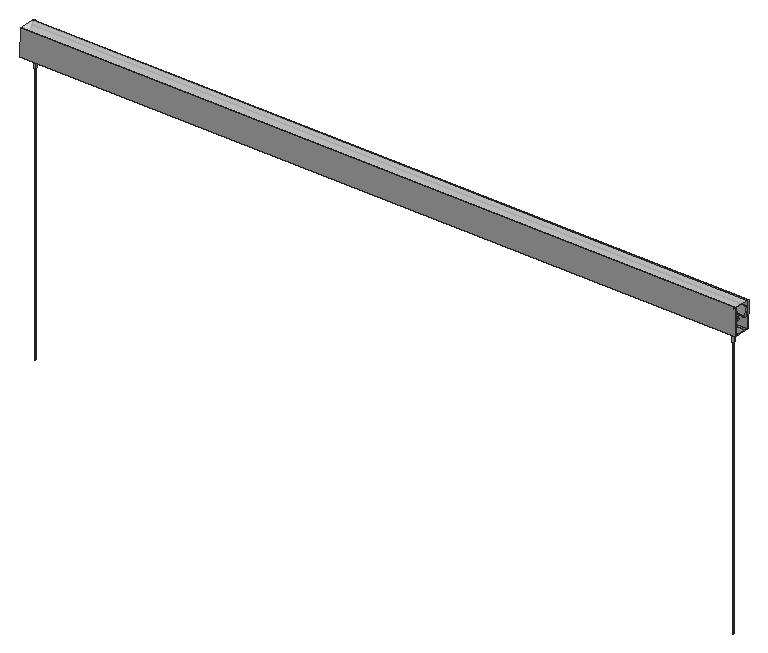
Revit family "2093096 Sylvania Lighting Fixture MC2 D I 2-4M 3K DALIEM WHT PRIS", category Lighting Fixtures, host Face, Revit 2016
Family settings
  Host = Face
  Part Type = Normal
  Round Connector Dimension = Use Diameter
  OmniClass Number = 23.80.70.11.17
  OmniClass Title = Specialized Lighting by Location or Use
  Cut with Voids When Loaded = No
  Light Source = Yes
  Shared = No
  Room Calculation Point = No
Parameters (values of type "2093096 MC2 D/I 2.4M 3K DALIEM WHT PRIS Emergency mode")
  Width_SYL = 54.0 mm
  Weight = "6.3 kg"
  Wattage = 67 W
  WarrantyStartDate [instance] = "n/a"
  WarrantyGuarantorParts = "n/a"
  WarrantyDurationUnit = "n/a"
  WarrantyDurationParts = "n/a"
  WarrantyDescription = "n/a"
  built-in parameter 1150110 = 1 (stored number, unit not read)
  Voltage = 0 V
  URL = "http://www.sylvania-lighting.com"
  TypeName = "MC2 D/I 2.4M 3K DALIEM WHT PRIS Emergency mode"
  built-in parameter 1114217 = 1 (stored number, unit not read)
  Tilt Angle = -90.00°
  built-in parameter 1150109 = 1 (stored number, unit not read)
  built-in parameter 1150134 = (empty or 0)
  built-in parameter 1150113 = 1 (stored number, unit not read)
  SerialNumber [instance] = "n/a"
  PowerFactor = 0.95
  PowerConsumption = "67 W"
  NominalWidth = 0.0 mm
  NominalLength = 2400.0 mm
  NominalHeight = 86.0 mm
  Name = "MC2 D/I 2.4M 3K DALIEM WHT PRIS Emergency mode"
  ModelReference = "MC2 D/I 2.4M 3K DALIEM WHT PRIS"
  ModelNumber = "2093096"
  Material_3_SYL = Metal_Sylvania_Mini Contiuum II_Silver
  Photometric Web File = "2093096EM.ies"
  Material_4_SYL = Metal_Sylvania_Mini Contiuum II_Silver
  MountingHeight_SYL [instance] = 1000.0 mm
  Material = "aluminium housing, polycarbonate diffuser"
  ManufacturerName = "Feilo Sylvania"
  LuminousEfficacy = "1.805 lm/W"
  LuminaireType = ""
  LightOutputRatio = "100"
  Length_SYL = 2400.0 mm
  LampsType = Lamp  # "LED"
  LampNominalLuminous = "121 lm"
  LampMacAdamStep = "3"
  LampColourTemperature = "3000 K"
  LampColourRenderingIndex = "80"
  Keynote = "16500"
  InstallationDate [instance] = "n/a"
  InputVoltage = "n/a"
  InputNominalFrequency = "n/a"
  IngressProtection = "IP20"
  ImpactProtectionIndex = "n/a"
  IfcExportType = "IfcLightFixtureType"
  IfcExportAs = "IfcLightFixtureType"
  Height_SYL = 86.0 mm
  ExpectedLife = 50000
  EndCapRight_SYL [instance] = no
  EndCapLeft_SYL [instance] = no
  Emit from Rectangle Width = Width_SYL - 2.0 mm  # 52.0 mm
  Emit from Rectangle Length = Length_SYL  # 2400.0 mm
  Emit Shape Visible in Rendering = no
  ElectricShockClassification = "Class I"
  DurationUnit = "hours"
  DocumentationLiterature = "http://www.sylvania-lighting.com/product/en-int/products/2093096"
  DimmingControlOptions = "n/a"
  CreatedOn = "10/15/2018"
  CreatedBy = "@sylvania-lighting.com"
  built-in parameter 1114216 [instance] = 1 (stored number, unit not read)
  Model = "MC2 D/I 2.4M 3K DALIEM WHT PRIS"
  Manufacturer = "Feilo Sylvania"
  built-in parameter 1150105 = 9.6289 (stored number, unit not read)
  Lumens = 121 lm
  built-in parameter 1150115 = 1 (stored number, unit not read)
  built-in parameter 1150137 = (empty or 0)
  built-in parameter 1150139 = (empty or 0)
  built-in parameter 1150112 = 1 (stored number, unit not read)
  built-in parameter 1150114 = 1 (stored number, unit not read)
  Lamp = "LED"
  built-in parameter 1150132 = 2
  built-in parameter 1150102 = (empty or 0)
  built-in parameter 1150107 = 3000 (stored number, unit not read)
  built-in parameter 1150138 = (empty or 0)
  built-in parameter 1150106 = 0.096289 (stored number, unit not read)
  Material_1_SYL = Metal_Sylvania_Mini Continuum II_White
  built-in parameter 1150104 = 0.16778 (stored number, unit not read)
  Dimming Lamp Color Temperature Shift = <None>
  Material_2_SYL = Polycarbonate_Sylvania_Mini Continuum II_Opal_4000K
  Description = "2093096   MC2 D/I 2.4M 3K DALIEM WHT PRIS  Continuous lines of LED light, white RAL 9016, direct/indirect distribution (65/35), various accessories available, compact and minimalist design based on the Golden Mean, ideal for offices, meeting rooms, corridors, education facilities, museums and libraries, extruded aluminium body, diffuser: micro prismatic, colour temperature: 3000K warm white, total system power: 67W, total fixture output: 7392lm, luminaire efficacy: 110lm/W, LOR: 100%, colour rendering: Ra >80, LED Chromacity: 1 step MacAdam ellipse, lifetime: 60,000 hours at 90% of the original output (L90), energy class: A++, A+, A, IR/UV free light source without heat radiation, operating voltage: 220-240V / 50-60Hz, drive current: (Direct) 800mA + (Indirect) 350mA, electronic driver, DALI dimmable, direct/indirect independently addressable, integral emergency: 3 hour maintained, electrical protection: CLASS I, IP20, suitable for internal environment only."
  Default Elevation = 0.0 mm
  Color Filter = 16777215
  built-in parameter 1140040 [instance] = 1
  BarCode [instance] = "n/a"
  built-in parameter 1114218 = 1 (stored number, unit not read)
  built-in parameter 1150133 = 10 (stored number, unit not read)
  AssetType = "Fixed"
  AssetIdentifier [instance] = "n/a"
  Assembly Code = "D5020200"
  Apparent Load = 67 VA
Types (2, lengths in mm): name | TypeName | Name | Photometric Web File | LuminousEfficacy | LampNominalLuminous | built-in parameter 1150105 | Lumens | built-in parameter 1150106 | built-in parameter 1150104
  2093096 MC2 D/I 2.4M 3K DALIEM WHT PRIS Emergency mode | "MC2 D/I 2.4M 3K DALIEM WHT PRIS Emergency mode" | "MC2 D/I 2.4M 3K DALIEM WHT PRIS Emergency mode" | "2093096EM.ies" | "1.805 lm/W" | "121 lm" | 9.6289 (stored number, unit not read) | 121 lm | 0.096289 (stored number, unit not read) | 0.16778 (stored number, unit not read)
  2093096 MC2 D/I 2.4M 3K DALIEM WHT PRIS | "MC2 D/I 2.4M 3K DALIEM WHT PRIS" | "MC2 D/I 2.4M 3K DALIEM WHT PRIS" | "2093096.ies" | "110 lm/W" | "7392 lm" | 586.49 (stored number, unit not read) | 7370 lm | 5.8649 (stored number, unit not read) | 10.219 (stored number, unit not read)
Reference planes
  plane 1 "Center (Front/Back)": y = 0
  plane 2 "Bottom Fixtures": z = 0
  plane 3 "Center (Left/Right)": x = 0
  plane 4 "Fixture Left": x = -1200
  plane 5 "Fixture Right": x = 1200
  plane 6 "Fixture Bottom": z = 1000
  plane 7: z = 998
  plane 8: z = 996
  plane 9: z = 986.951
  plane 10: z = 956.951
  plane 11 "Fixture Top": z = 914
  plane 12 "Mounting Right": x = 1172
  plane 13 "Mounting Left": x = -1172
  plane 14: z = 879
  plane 15: y = 27
  plane 16: y = -27
  plane 17: y = -26
  plane 18: y = -25
  plane 19: y = 26
  plane 20: y = 25
  plane 21: y = 11
  plane 22: y = -11
  plane 23: y = 24
  plane 24: y = 22
  plane 25: y = -22
  plane 26: y = 15
  plane 27: y = -15
  plane 28 "Upper Diffuser Left": x = -1050
  plane 29 "Upper Diffuser Right": x = 1050
  plane 30: x = -1202
  plane 31: x = 1202
Forms (mm)
  Extrusion 1, solid, material "Metal_Sylvania_Mini Continuum II_White" <- "Material_1_SYL", detail levels fine
    sketch origin (0, 0, 520) x (0, 1, 0) y (0, 0, 1)
      loop
        line (27, 480) -> (26, 480) -> (26, 478) -> (25, 478) -> (25, 396) -> (13, 396) -> (13, 398) -> (-13, 398) -> (-13, 396) -> (-25, 396) -> (-25, 478) -> (-26, 478) -> (-26, 480) -> (-27, 480) -> (-27, 394) -> (-11, 394) -> (-11, 396) -> (11, 396) -> (11, 394) -> (27, 394) -> (27, 480)
    from -1200 to 1200
  Extrusion 2, solid, material "Polycarbonate_Sylvania_Mini Continuum II_Opal_4000K" <- "Material_2_SYL", detail levels fine
    sketch origin (0, 0, 520) x (0, 1, 0) y (0, 0, 1)
      loop
        line (-26, 480) -> (-26, 478) -> (26, 478) -> (26, 480) -> (-26, 480)
    from -1200 to 1200
  Extrusion 3, solid, material "Metal_Sylvania_Mini Contiuum II_Silver" <- "Material_3_SYL", detail levels fine
    sketch origin (0, 0, 520) x (0, 1, 0) y (0, 0, 1)
      loop
        line (22, 466.951) -> (20.973, 466.951) -> (14.206, 437.951) -> (11, 437.951) -> (11, 436.951) -> (15, 436.951) -> (22, 466.951)
      loop
        line (-15, 436.951) -> (-11, 436.951) -> (-11, 437.951) -> (-14.206, 437.951) -> (-20.973, 466.951) -> (-22, 466.951) -> (-15, 436.951)
    from -1200 to 1200
  Extrusion 4, solid, material "Metal_Sylvania_Mini Continuum II_White" <- "Material_1_SYL", detail levels coarse+medium
    sketch origin (0, 0, 520) x (0, 1, 0) y (0, 0, 1)
      loop
        line (-27, 480) -> (-27, 394) -> (27, 394) -> (27, 480) -> (-27, 480)
    from -1200 to 1200
  Extrusion 5, solid, material "Metal_Sylvania_Mini Contiuum II_Silver" <- "Material_4_SYL", detail levels fine
    sketch origin (0, 0, -86) x (-1, 0, 0) y (0, -1, 0)
      loop
        circle (1172, 0) r 4
      loop
        circle (-1172, 0) r 4
    from 965 to 1002
  Extrusion 6, solid, material "Metal_Sylvania_Mini Contiuum II_Silver" <- "Material_4_SYL", detail levels fine
    sketch origin (0, 0, -86) x (-1, 0, 0) y (0, -1, 0)
      loop
        circle (-1172, 0) r 1
      loop
        circle (1172, 0) r 1
    from 86 to 965
  Extrusion 7, solid, material "Polycarbonate_Sylvania_Mini Continuum II_Opal_4000K" <- "Material_2_SYL", detail levels fine
    sketch origin (0, 0, 0) x (0, 1, 0) y (0, 0, 1)
      loop
        arc (11, 916) -> (5.59, 914.504) -> (0, 914) r 31.25
        arc (0, 914) -> (-5.59, 914.504) -> (-11, 916) r 31.25
        line (-11, 916) -> (-11, 914.934)
        arc (-11, 914.934) -> (-5.584, 913.487) -> (0, 913) r 32.25
        arc (0, 913) -> (5.584, 913.487) -> (11, 914.934) r 32.25
        line (11, 914.934) -> (11, 916)
    from -1050 to 1050
  Extrusion 8, void
    sketch origin (0, 0, 0) x (0, 1, 0) y (0, 0, 1)
      loop
        line (11, 918) -> (-11, 918) -> (-11, 916) -> (11, 916) -> (11, 918)
    from -1050 to 1050
  Extrusion 9, solid, material "Metal_Sylvania_Mini Continuum II_White" <- "Material_1_SYL", visible <- "EndCapLeft_SYL"
    sketch origin (-1200, 171.684, 1219.2) x (0, 1, 0) y (0, 0, 1)
      loop
        line (-198.684, -305.2) -> (-144.684, -305.2) -> (-144.684, -219.2) -> (-198.684, -219.2) -> (-198.684, -305.2)
    from 0 to -2
  Extrusion 10, solid, material "Metal_Sylvania_Mini Continuum II_White" <- "Material_1_SYL", visible <- "EndCapRight_SYL"
    sketch origin (1200, 171.684, 1219.2) x (0, 1, 0) y (0, 0, -1)
      loop
        line (-144.684, 219.2) -> (-144.684, 305.2) -> (-198.684, 305.2) -> (-198.684, 219.2) -> (-144.684, 219.2)
    from 0 to -2
Cuts and joins
  Extrusion 8 cuts Extrusion 1
Lines and regions (mm)
  Masking region 1
    outline origin (0, 0, -86) x (-1, 0, 0) y (0, -1, 0)
      loop
        line (1200, -27) -> (1200, 27) -> (-1200, 27) -> (-1200, -27) -> (1200, -27)
  symbolic lines, detail levels fine
    curve 1: line (-1200, 26, -86) -> (1200, 26, -86)
    curve 2: line (-1200, -26, -86) -> (1200, -26, -86)
  model lines, detail levels coarse+medium
    curve 3: line (-1172, 0, 914) -> (-1172, 0, 0)
    curve 4: line (1172, 0, 914) -> (1172, 0, 0)
Dimensions and locks
  host sketch curve to plane 3 "Center (Left/Right)" to host sketch curve = 820.0 mm, 775.047 mm
  equal spacing: plane 4 "Fixture Left", plane 3 "Center (Left/Right)", plane 5 "Fixture Right"
  "Length_SYL": plane 4 "Fixture Left" to plane 5 "Fixture Right"
  plane 6 "Fixture Bottom" to plane 7 to plane 8 to plane 9 to plane 10 = 2.0 mm locked, 2.0 mm locked, 9.049 mm locked, 30.0 mm locked
  locked: Extrusion 1 sketch curve to Extrusion 1 sketch curve at 2
  locked: Extrusion 1 sketch curve to plane 11 "Fixture Top" at 2
  "Height_SYL": plane 6 "Fixture Bottom" to plane 11 "Fixture Top"
  locked: plane 12 "Mounting Right" to plane 5 "Fixture Right" at 28
  locked: plane 4 "Fixture Left" to plane 13 "Mounting Left" at 28
  locked: plane 11 "Fixture Top" to plane 14 at 35
  "MountingHeight_SYL": plane 6 "Fixture Bottom" to plane 2 "Bottom Fixtures"
  equal spacing: plane 15, plane 1 "Center (Front/Back)", plane 16
  "Width_SYL": plane 15 to plane 16
  plane 22 to plane 27 to plane 25 to plane 18 to plane 17 to plane 16 = 4.0 mm locked, 7.0 mm locked, 3.0 mm locked, 1.0 mm locked, 1.0 mm locked
  plane 15 to plane 19 to plane 20 to plane 23 to plane 24 to plane 26 to plane 21 = 1.0 mm locked, 1.0 mm locked, 1.0 mm locked, 2.0 mm locked, 7.0 mm locked, 4.0 mm locked
  locked: plane 4 "Fixture Left" to plane 28 "Upper Diffuser Left" at 150
  locked: plane 29 "Upper Diffuser Right" to plane 5 "Fixture Right" at 150
  equal spacing: plane 30, plane 3 "Center (Left/Right)", plane 31
  locked: plane 30 to plane 4 "Fixture Left" at 2
  aligned and locked: plane 2 "Bottom Fixtures" to host face
  aligned and locked: level to host face
  aligned and locked: plane 5 "Fixture Right" to curve 1
  aligned and locked: plane 4 "Fixture Left" to curve 1
  aligned and locked: plane 4 "Fixture Left" to curve 2
  aligned and locked: plane 5 "Fixture Right" to curve 2
  aligned and locked: Extrusion 1 sketch curve to plane 7
  aligned and locked: plane 6 "Fixture Bottom" to Extrusion 1 sketch curve  (x2)
  aligned and locked: plane 7 to Extrusion 1 sketch curve
  aligned and locked: Extrusion 1 to Extrusion 2 sketch curve
  aligned and locked: Extrusion 2 sketch curve to Extrusion 1  (x3)
  aligned and locked: Extrusion 3 sketch curve to plane 10
  aligned and locked: plane 9 to Extrusion 3 sketch curve
  aligned and locked: Extrusion 3 sketch curve to plane 9
  aligned and locked: Extrusion 4 sketch curve to plane 6 "Fixture Bottom"
  aligned and locked: Extrusion 4 to plane 4 "Fixture Left"
  aligned and locked: Extrusion 2 to plane 4 "Fixture Left"
  aligned and locked: Extrusion 3 to plane 4 "Fixture Left"
  aligned and locked: Extrusion 1 to plane 4 "Fixture Left"
  aligned and locked: Extrusion 4 to plane 5 "Fixture Right"
  aligned and locked: Extrusion 2 to plane 5 "Fixture Right"
  aligned and locked: Extrusion 3 to plane 5 "Fixture Right"
  aligned and locked: Extrusion 1 to plane 5 "Fixture Right"
  aligned and locked: plane 11 "Fixture Top" to Extrusion 4 sketch curve
  aligned and locked: Extrusion 1 sketch curve to plane 11 "Fixture Top"  (x2)
  aligned and locked: Extrusion 1 sketch curve to Extrusion 1 sketch curve
  aligned and locked: plane 6 "Fixture Bottom" to imposter light
  aligned and locked: plane 11 "Fixture Top" to curve 3
  aligned and locked: plane 2 "Bottom Fixtures" to curve 3
  aligned and locked: plane 11 "Fixture Top" to curve 4
  aligned and locked: plane 2 "Bottom Fixtures" to curve 4
  aligned and locked: curve 4 to plane 12 "Mounting Right"
  aligned and locked: curve 3 to plane 13 "Mounting Left"
  aligned and locked: Extrusion 5 to Extrusion 1
  aligned and locked: Extrusion 5 to plane 14
  aligned and locked: plane 14 to Extrusion 6
  aligned and locked: Extrusion 6 to level
  aligned and locked: plane 11 "Fixture Top" to Extrusion 7 sketch curve
  aligned and locked: Extrusion 7 to plane 28 "Upper Diffuser Left"
  aligned and locked: Extrusion 7 to plane 29 "Upper Diffuser Right"
  aligned and locked: plane 21 to Extrusion 3 sketch curve
  aligned and locked: Extrusion 3 sketch curve to plane 22
  aligned and locked: Extrusion 8 sketch curve to plane 21
  aligned and locked: Extrusion 8 sketch curve to plane 22
  aligned and locked: Extrusion 8 sketch curve to Extrusion 1  (x2)
  aligned and locked: Extrusion 8 to Extrusion 7  (x2)
  aligned and locked: plane 21 to Extrusion 7 sketch curve
  aligned and locked: plane 1 "Center (Front/Back)" to Extrusion 7 sketch curve
  aligned and locked: plane 22 to Extrusion 7 sketch curve
  aligned and locked: Extrusion 9 sketch curve to Extrusion 4  (x4)
  aligned and locked: Extrusion 9 to plane 30
  aligned and locked: plane 4 "Fixture Left" to Extrusion 9
  aligned and locked: Extrusion 10 sketch curve to Extrusion 4  (x4)
  aligned and locked: plane 31 to Extrusion 10
  aligned and locked: plane 5 "Fixture Right" to Extrusion 10
Automatic sketch dimensions
  host sketch curve to host sketch curve = 1047.463 mm
  plane 19 to curve 1 = 0.0 mm
  curve 2 to plane 17 = 0.0 mm
  Masking region 1 sketch curve to plane 5 "Fixture Right" = 0.0 mm
  Masking region 1 sketch curve to plane 4 "Fixture Left" = 0.0 mm
  plane 15 to Masking region 1 sketch curve = 0.0 mm
  Masking region 1 sketch curve to plane 16 = 0.0 mm
  Extrusion 1 sketch curve to plane 16 = 0.0 mm
  Extrusion 1 sketch curve to plane 17 = 0.0 mm
  Extrusion 1 sketch curve to plane 18 = 0.0 mm
  Extrusion 1 sketch curve to plane 22 = 0.0 mm
  Extrusion 1 sketch curve to plane 21 = 0.0 mm
  Extrusion 1 sketch curve to plane 20 = 0.0 mm
  Extrusion 1 sketch curve to plane 19 = 0.0 mm
  Extrusion 1 sketch curve to plane 15 = 0.0 mm
  plane 11 "Fixture Top" to Extrusion 1 sketch curve = 2.0 mm
  Extrusion 1 sketch curve to plane 22 = 2.0 mm
  Extrusion 1 sketch curve to plane 21 = 2.0 mm
  Extrusion 3 sketch curve to plane 25 = 0.0 mm
  Extrusion 3 sketch curve to plane 27 = 0.0 mm
  Extrusion 3 sketch curve to plane 26 = 0.0 mm
  Extrusion 3 sketch curve to plane 24 = 0.0 mm
  plane 10 to Extrusion 3 sketch curve = 1.0 mm
  Extrusion 3 sketch curve to Extrusion 3 sketch curve = 1.027 mm
  plane 27 to Extrusion 3 sketch curve = 0.794 mm
  plane 26 to Extrusion 3 sketch curve = 0.794 mm
  plane 24 to Extrusion 3 sketch curve = 1.027 mm
  Extrusion 4 sketch curve to plane 16 = 0.0 mm
  Extrusion 4 sketch curve to plane 15 = 0.0 mm
  plane 1 "Center (Front/Back)" to Extrusion 5 sketch curve = 0.0 mm  (x2)
  Extrusion 5 sketch curve to plane 12 "Mounting Right" = 0.0 mm
  Extrusion 5 sketch curve to plane 13 "Mounting Left" = 0.0 mm
  plane 1 "Center (Front/Back)" to Extrusion 6 sketch curve = 0.0 mm  (x2)
  Extrusion 6 sketch curve to plane 12 "Mounting Right" = 0.0 mm
  Extrusion 6 sketch curve to plane 13 "Mounting Left" = 0.0 mm
  Extrusion 7 sketch curve to Extrusion 7 sketch curve = 0.0 mm  (x4)
  plane 11 "Fixture Top" to Extrusion 7 sketch curve = 0.934 mm
  Extrusion 3 sketch curve to Extrusion 3 sketch curve = 0.0 mm
  Extrusion 3 sketch curve to plane 10 = 0.0 mm
  plane 11 "Fixture Top" to Extrusion 7 sketch curve = 2.0 mm
  radius of Extrusion 5 sketch curve = 4.0 mm  (x2)
  radius of Extrusion 6 sketch curve = 1.0 mm  (x2)
Connectors
  electrical at (1200, 0, 949), driven by "Apparent Load"
    settings: on Extrusion 1, index 1, voltage 230 V, apparent load 0 VA, apparent load phase1 67 VA, apparent load phase2 0 VA, apparent load phase3 0 VA, power factor 1, load classification "Lighting", number of poles 1, system type 31, power factor state 1, is connector primary yes, connector utility no, sub classification motor no, connector description ""
